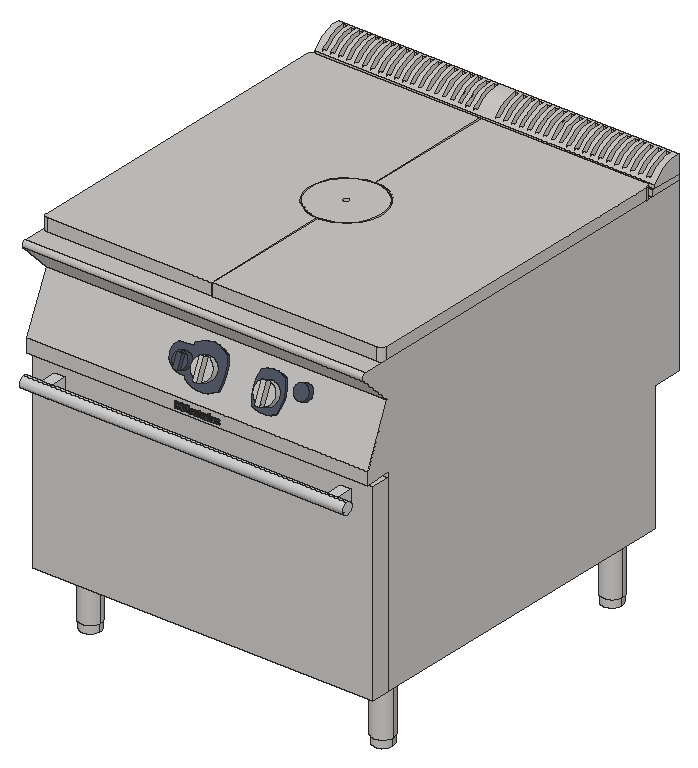
Revit family "QF_ELECTROLUXPROFESSIONAL_391019_E9STGH10G0", category Specialty Equipment, Revit 2018
Family settings
  Round Connector Dimension = Use Diameter
  Part Type = Normal
  Work Plane-Based = No
  Always vertical = Yes
  Cut with Voids When Loaded = No
  Shared = No
  Room Calculation Point = No
Parameters
  Width = 800 mm  # constant formula
  Weight in Pounds = 171  # constant formula
  Watts = 0 W
  URL Cutsheet = "www.electrolux.com"
  URL = "www.electrolux.com"
  Type Mark [instance] = ""
  Status [instance] = ""
  Specification by User [instance] = ""
  Specification by Manufacturer = ""
  Show Logo [instance] = yes
  Show Clearance [instance] = yes
  Serial Number = ""
  Seismic Rating = ""
  SMACNA No = ""
  Revision Code [instance] = ""
  Omniclass Number and Title = ""
  NAFEM Spec ID Number = ""
  Model = "391019"
  Mechanical Remarks [instance] = ""
  Mechanical Connection Type [instance] = ""
  Masterspec = ""
  Manufacturer = "ELECTROLUX"
  Item Number [instance] = ""
  Installed By [instance] = ""
  Identify Quantity as Lot [instance] = yes
  Height = 908 mm  # constant formula
  HP = "0 HP"
  Gas Size = 12.7 mm  # 1/2"
  Gas RI Height [instance] = 0 mm
  Gas KW [instance] = 19  # constant formula
  Gas Input [instance] = 64771.0 Btu/h
  Gas Connection Height = 0 mm
  Furnished By [instance] = ""
  Foodservice Equipment Identifier [instance] = yes
  Direct Waste Size = 0"
  Description = "900XP GAS SOLID TOP, GAS OVEN - LPG/NATURAL GAS"
  Depth = 700 mm  # constant formula
  CSI MasterFormat = ""
  CSI Master Format = ""
  Assembly Code = ""
Reference planes
  plane 1 "BACK": y = 0
  plane 2: z = 0
  plane 3 "LEFT": x = 0
  plane 4 "RIGHT": x = 800
  plane 5 "FRONT": y = -930
  plane 6 "TOP": z = 909
  plane 7 "Center Y": x = 400
  plane 8 "Center X": y = -465
  plane 9 "Base": z = 150
  plane 10: z = 850.85
  plane 11: y = -1030
  plane 12: y = -1309
  plane 13: x = 56
  plane 14: x = 744
  plane 15: y = -126
  plane 16: y = -800
  plane 17: x = 780.125
  plane 18: x = 19.875
  plane 19: y = -664
Forms (mm)
  Revolve 1, solid, material "QF_Finishes_Stainless Steel"
    sketch origin (1, -126, 0) x (1, 0, 0) y (0, 0, 1)
      loop
        line (55, 0) -> (55, 150) -> (29.6, 150) -> (29.6, 19.05) -> (32.1, 19.05) -> (32.1, 0) -> (55, 0)
      axis (55, 0) -> (55, 150)
    angle from 0 to 360
  Revolve 2, solid, material "QF_Finishes_Stainless Steel"
    sketch origin (1, -800, 0) x (1, 0, 0) y (0, 0, 1)
      loop
        line (55, 0) -> (55, 150) -> (29.6, 150) -> (29.6, 19.05) -> (32.1, 19.05) -> (32.1, 0) -> (55, 0)
      axis (55, 0) -> (55, 150)
    angle from 0 to 360
  Revolve 3, solid, material "QF_Finishes_Stainless Steel"
    sketch origin (799, -126, 0) x (-1, 0, 0) y (0, 0, -1)
      loop
        line (55, 0) -> (32.1, 0) -> (32.1, -19.05) -> (29.6, -19.05) -> (29.6, -150) -> (55, -150) -> (55, 0)
      axis (55, 0) -> (55, -150)
    angle from 0 to 360
  Revolve 4, solid, material "QF_Finishes_Stainless Steel"
    sketch origin (799, -800, 0) x (-1, 0, 0) y (0, 0, -1)
      loop
        line (55, 0) -> (32.1, 0) -> (32.1, -19.05) -> (29.6, -19.05) -> (29.6, -150) -> (55, -150) -> (55, 0)
      axis (55, 0) -> (55, -150)
    angle from 0 to 360
  Extrusion 5, solid, material "QF_Finishes_Stainless Steel"
    sketch origin (0, 0, 0) x (0, 1, 0) y (0, 0, 1)
      loop
        line (0, 451) -> (0, 850.85) -> (-921.37, 850.85)
        arc (-921.37, 850.85) -> (-929.343, 845.523) -> (-927.472, 836.118) r 8.63
        line (-927.472, 836.118) -> (-858.137, 766.783) -> (-915.833, 641.426) -> (-915.833, 610.129) -> (-855.71, 614.825)
        arc (-855.71, 614.825) -> (-853.185, 614.077) -> (-852.093, 611.681) r 3.175
        line (-852.093, 611.681) -> (-852.093, 150) -> (-71, 150) -> (-71, 451) -> (0, 451)
    from 0 to 800
  Extrusion 6, solid, material "QF_Finishes_Stainless Steel"
    sketch origin (0, -852.093, 615.668) x (0, 0, -1) y (1, 0, 0)
      loop
        line (465.668, 0) -> (465.668, 800) -> (13.597, 800) -> (13.597, 0) -> (465.668, 0)
    from 3.175 to 47.778
  Extrusion 7, solid, material "QF_Finishes_Handrails and Railings"
    sketch origin (800, -852.093, 150) x (0, 0, 1) y (0, -1, 0)
      loop
        line (429.951, 47.778) -> (427.246, 86.456)
        arc (427.246, 86.456) -> (413.439, 87.649) -> (408.943, 100.759) r 12.7
        arc (408.943, 100.759) -> (408.126, 100.218) -> (407.351, 99.619) r 13.441
        arc (407.351, 99.619) -> (405.905, 97.814) -> (405.285, 95.586) r 5.77
        line (405.285, 95.586) -> (401.942, 47.778) -> (429.951, 47.778)
    from -76.2 to -50.8
  Extrusion 8, solid, material "QF_Finishes_Handrails and Railings"
    sketch origin (0, -852.093, 602.071) x (0, 0, -1) y (0, -1, 0)
      loop
        circle (30.812, 97.656) r 12.7
    from -19.875 to -780.125
  Extrusion 9, solid, material "QF_Finishes_Navy Blue", visible <- "Show Logo"
    sketch origin (0, -915.833, 228.55) x (0, 0, 1) y (-1, 0, 0)
      loop
        line (402.897, -357.807) -> (390.53, -357.807)
        arc (390.53, -357.807) -> (396.713, -362.379) -> (402.897, -357.807) r 6.467
      loop
        arc (402.897, -357.178) -> (401.728, -352.035) -> (397.072, -349.557) r 6.338
        line (397.072, -349.557) -> (397.072, -351.603)
        arc (397.072, -351.603) -> (398.555, -355.258) -> (402.001, -357.178) r 5.941
        line (402.001, -357.178) -> (402.897, -357.178)
      loop
        arc (391.425, -357.178) -> (394.871, -355.258) -> (396.355, -351.603) r 5.941
        line (396.355, -351.603) -> (396.355, -349.557)
        arc (396.355, -349.557) -> (391.661, -352.031) -> (390.371, -357.178) r 6.504
        line (390.371, -357.178) -> (391.425, -357.178)
      loop
        line (403.571, -349.088) -> (389.827, -349.088) -> (389.827, -362.851) -> (403.571, -362.851) -> (403.571, -349.088)
      loop
        arc (403.655, -365.819) -> (403.307, -365.461) -> (402.94, -365.799) r 0.358
        arc (402.94, -365.799) -> (402.626, -366.549) -> (401.909, -366.934) r 1.216
        line (401.909, -366.934) -> (391.497, -366.934)
        arc (391.497, -366.934) -> (390.837, -366.657) -> (390.441, -366.06) r 1.238
        arc (390.441, -366.06) -> (390.046, -365.809) -> (389.74, -366.163) r 0.358
        line (389.74, -366.163) -> (389.74, -376.042) -> (392.491, -376.042) -> (392.491, -375.145)
        arc (392.491, -375.145) -> (391.582, -374.565) -> (391.127, -373.588) r 1.928
        line (391.127, -373.588) -> (391.127, -371.089)
        arc (391.127, -371.089) -> (391.402, -370.36) -> (392.091, -369.996) r 1.101
        line (392.091, -369.996) -> (396.177, -369.996) -> (396.177, -373.67)
        arc (396.177, -373.67) -> (395.825, -374.167) -> (395.259, -374.395) r 1.083
        arc (395.259, -374.395) -> (394.996, -374.7) -> (395.288, -374.978) r 0.292
        line (395.288, -374.978) -> (398.25, -374.978)
        arc (398.25, -374.978) -> (398.553, -374.705) -> (398.314, -374.375) r 0.305
        arc (398.314, -374.375) -> (397.824, -374.127) -> (397.519, -373.67) r 1.083
        line (397.519, -373.67) -> (397.519, -369.996) -> (402.196, -369.996) -> (402.196, -373.744)
        arc (402.196, -373.744) -> (401.982, -374.499) -> (401.375, -374.997) r 1.314
        arc (401.375, -374.997) -> (401.156, -375.401) -> (401.511, -375.694) r 0.361
        line (401.511, -375.694) -> (403.655, -375.694) -> (403.655, -365.819)
      loop
        arc (402.938, -376.474) -> (402.557, -377.393) -> (401.639, -377.773) r 1.299
        line (401.639, -377.773) -> (392.06, -377.773)
        arc (392.06, -377.773) -> (391.222, -377.395) -> (390.95, -376.517) r 1.118
        line (390.95, -376.517) -> (389.74, -376.517) -> (389.74, -381.867) -> (390.929, -381.867)
        arc (390.929, -381.867) -> (391.201, -380.95) -> (392.07, -380.554) r 1.153
        line (392.07, -380.554) -> (404.143, -380.554) -> (402.938, -376.474)
      loop
        line (394.705, -384.503) -> (394.705, -390.951) -> (395.504, -390.951)
        arc (395.504, -390.951) -> (398.085, -389.966) -> (399.353, -387.513) r 3.874
        line (399.353, -387.513) -> (399.353, -385.752)
        arc (399.353, -385.752) -> (398.167, -382.887) -> (395.302, -381.701) r 4.051
        line (395.302, -381.701) -> (393.294, -381.701)
        arc (393.294, -381.701) -> (390.476, -383.186) -> (389.424, -386.193) r 4.352
        arc (389.424, -386.193) -> (389.789, -388.656) -> (391.166, -390.73) r 5.713
        line (391.166, -390.73) -> (392.115, -390.73)
        arc (392.115, -390.73) -> (391.382, -389.161) -> (391.166, -387.443) r 5.579
        arc (391.166, -387.443) -> (391.96, -385.48) -> (393.839, -384.503) r 3.057
        line (393.839, -384.503) -> (394.705, -384.503)
      loop
        line (395.965, -384.503) -> (395.965, -388.085)
        arc (395.965, -388.085) -> (397.421, -388.133) -> (398.304, -386.973) r 1.59
        line (398.304, -386.973) -> (398.304, -386.143)
        arc (398.304, -386.143) -> (397.44, -384.888) -> (395.965, -384.503) r 2.184
      loop
        arc (398.755, -400.368) -> (399.244, -398.694) -> (399.402, -396.957) r 9.023
        line (399.402, -396.957) -> (399.402, -395.595)
        arc (399.402, -395.595) -> (398.242, -392.795) -> (395.443, -391.636) r 3.959
        line (395.443, -391.636) -> (392.843, -391.636)
        arc (392.843, -391.636) -> (390.561, -392.928) -> (389.444, -395.301) r 4.331
        line (389.444, -395.301) -> (389.444, -397.436)
        arc (389.444, -397.436) -> (389.952, -398.986) -> (390.873, -400.332) r 5.772
        arc (390.873, -400.332) -> (391.635, -400.383) -> (391.722, -399.624) r 0.553
        arc (391.722, -399.624) -> (391.334, -398.89) -> (391.2, -398.071) r 2.573
        line (391.2, -398.071) -> (391.2, -396.556)
        arc (391.2, -396.556) -> (392.206, -394.915) -> (394.02, -394.272) r 2.884
        line (394.02, -394.272) -> (395.299, -394.272)
        arc (395.299, -394.272) -> (397.12, -394.832) -> (398.047, -396.497) r 2.554
        line (398.047, -396.497) -> (398.047, -397.55)
        arc (398.047, -397.55) -> (397.715, -398.478) -> (397.058, -399.213) r 2.564
        arc (397.058, -399.213) -> (396.837, -399.93) -> (397.446, -400.368) r 0.643
        line (397.446, -400.368) -> (398.755, -400.368)
      loop
        line (397.737, -400.638) -> (397.737, -402.139) -> (391.689, -402.139)
        arc (391.689, -402.139) -> (390.101, -402.797) -> (389.444, -404.385) r 2.246
        line (389.444, -404.385) -> (389.444, -405.969)
        arc (389.444, -405.969) -> (389.757, -406.834) -> (390.258, -407.605) r 4.06
        arc (390.258, -407.605) -> (390.99, -407.738) -> (391.242, -407.037) r 0.576
        arc (391.242, -407.037) -> (391.136, -406.512) -> (391.2, -405.979) r 1.69
        arc (391.2, -405.979) -> (391.741, -405.191) -> (392.648, -404.888) r 1.506
        line (392.648, -404.888) -> (397.786, -404.888) -> (397.786, -407.285) -> (398.342, -407.842) -> (399.164, -407.842) -> (399.164, -404.982) -> (402.395, -404.982) -> (397.737, -400.638)
      loop
        line (389.661, -408.739) -> (389.661, -414.126) -> (390.771, -414.126)
        arc (390.771, -414.126) -> (391.165, -413.175) -> (392.116, -412.781) r 1.345
        line (392.116, -412.781) -> (395.732, -412.781)
        arc (395.732, -412.781) -> (396.497, -413.373) -> (396.786, -414.295) r 1.615
        line (396.786, -414.295) -> (396.786, -415.851) -> (399.342, -416.536) -> (399.342, -415.153) -> (397.399, -412.594) -> (399.28, -412.594) -> (398.995, -409.888)
        arc (398.995, -409.888) -> (398.556, -409.358) -> (397.897, -409.559) r 0.621
        arc (397.897, -409.559) -> (397.497, -409.901) -> (397.003, -410.084) r 1.501
        line (397.003, -410.084) -> (392.116, -410.084)
        arc (392.116, -410.084) -> (391.165, -409.69) -> (390.771, -408.739) r 1.345
        line (390.771, -408.739) -> (389.661, -408.739)
      loop
        line (395.763, -416.073) -> (393.071, -416.073)
        arc (393.071, -416.073) -> (390.625, -417.381) -> (389.491, -419.912) r 4.288
        arc (389.491, -419.912) -> (389.428, -421.292) -> (389.491, -422.672) r 15.022
        arc (389.491, -422.672) -> (390.625, -425.203) -> (393.071, -426.51) r 4.288
        line (393.071, -426.51) -> (395.763, -426.51)
        arc (395.763, -426.51) -> (398.208, -425.203) -> (399.342, -422.672) r 4.288
        arc (399.342, -422.672) -> (399.406, -421.292) -> (399.342, -419.912) r 15.022
        arc (399.342, -419.912) -> (398.208, -417.381) -> (395.763, -416.073) r 4.288
      loop
        line (395.968, -419.187) -> (392.866, -419.187)
        arc (392.866, -419.187) -> (390.709, -421.344) -> (392.866, -423.501) r 2.157
        line (392.866, -423.501) -> (395.968, -423.501)
        arc (395.968, -423.501) -> (398.125, -421.344) -> (395.968, -419.187) r 2.157
      loop
        arc (402.948, -426.369) -> (402.578, -427.263) -> (401.684, -427.633) r 1.264
        line (401.684, -427.633) -> (391.82, -427.633)
        arc (391.82, -427.633) -> (390.95, -427.236) -> (390.678, -426.32) r 1.153
        line (390.678, -426.32) -> (389.74, -426.32) -> (389.74, -431.428) -> (390.669, -431.428)
        arc (390.669, -431.428) -> (391.028, -430.656) -> (391.82, -430.341) r 1.153
        line (391.82, -430.341) -> (404.143, -430.341) -> (402.948, -426.369)
      loop
        arc (398.069, -430.966) -> (397.87, -432.03) -> (396.9, -432.512) r 1.215
        line (396.9, -432.512) -> (391.88, -432.512)
        arc (391.88, -432.512) -> (390.266, -433.16) -> (389.545, -434.743) r 2.338
        line (389.545, -434.743) -> (389.545, -436.257)
        arc (389.545, -436.257) -> (389.719, -437.261) -> (390.222, -438.147) r 2.979
        line (390.222, -438.147) -> (389.74, -439.944) -> (389.74, -441.633) -> (399.166, -441.633) -> (398.872, -437.429) -> (398.086, -437.429)
        arc (398.086, -437.429) -> (397.73, -438.265) -> (396.978, -438.774) r 1.605
        line (396.978, -438.774) -> (391.875, -438.774)
        arc (391.875, -438.774) -> (391.454, -437.837) -> (391.382, -436.813) r 2.94
        arc (391.382, -436.813) -> (391.943, -435.712) -> (393.096, -435.269) r 1.724
        line (393.096, -435.269) -> (399.292, -435.269) -> (398.069, -430.966)
      loop
        line (399.097, -442.486) -> (397.425, -444.532) -> (394.251, -446.838) -> (390.794, -443.726)
        arc (390.794, -443.726) -> (390.557, -443.332) -> (390.58, -442.873) r 0.789
        line (390.58, -442.873) -> (389.74, -442.873) -> (389.74, -446.418) -> (390.567, -446.418)
        arc (390.567, -446.418) -> (390.909, -446.056) -> (391.399, -446.148) r 0.52
        line (391.399, -446.148) -> (393.199, -447.619) -> (391.081, -448.995)
        arc (391.081, -448.995) -> (390.68, -448.685) -> (390.593, -448.185) r 0.7
        line (390.593, -448.185) -> (389.74, -448.185) -> (389.74, -454.112) -> (390.627, -454.112)
        arc (390.627, -454.112) -> (390.694, -453.453) -> (391.089, -452.922) r 1.247
        line (391.089, -452.922) -> (395.289, -449.641) -> (397.736, -451.694) -> (399.097, -453.436) -> (399.097, -449.713) -> (397.612, -450.135) -> (396.09, -448.858) -> (397.791, -447.668) -> (399.097, -448.445) -> (399.097, -442.486)
    from 0 to 1.644
  Extrusion 10, solid, material "QF_Finishes_Stainless Steel"
    sketch origin (0, 0, 576.213) x (0, 1, 0) y (0, 0, 1)
      loop
        line (0, 274.638) -> (0, 288.925) -> (-76.2, 288.925) -> (-76.2, 274.638) -> (0, 274.638)
    from 0 to 800
  Extrusion 11, void
    sketch origin (34.989, 0, 865.138) x (-1, 0, 0) y (0, -1, 0)
      loop
        line (-335.017, 6.761) -> (-335.017, 63.911) -> (-344.313, 63.911) -> (-344.313, 6.761) -> (-335.017, 6.761)
      loop
        line (-316.325, 6.761) -> (-316.325, 63.911) -> (-325.62, 63.911) -> (-325.62, 6.761) -> (-316.325, 6.761)
      loop
        line (-297.632, 6.761) -> (-297.632, 63.911) -> (-306.928, 63.911) -> (-306.928, 6.761) -> (-297.632, 6.761)
      loop
        line (-278.94, 6.761) -> (-278.94, 63.911) -> (-288.235, 63.911) -> (-288.235, 6.761) -> (-278.94, 6.761)
      loop
        line (-260.247, 6.761) -> (-260.247, 63.911) -> (-269.543, 63.911) -> (-269.543, 6.761) -> (-260.247, 6.761)
      loop
        line (-241.554, 6.761) -> (-241.554, 63.911) -> (-250.85, 63.911) -> (-250.85, 6.761) -> (-241.554, 6.761)
      loop
        line (-222.862, 6.761) -> (-222.862, 63.911) -> (-232.157, 63.911) -> (-232.157, 6.761) -> (-222.862, 6.761)
      loop
        line (-204.169, 6.761) -> (-204.169, 63.911) -> (-213.465, 63.911) -> (-213.465, 6.761) -> (-204.169, 6.761)
      loop
        line (-185.476, 6.761) -> (-185.476, 63.911) -> (-194.772, 63.911) -> (-194.772, 6.761) -> (-185.476, 6.761)
      loop
        line (-166.784, 6.761) -> (-166.784, 63.911) -> (-176.08, 63.911) -> (-176.08, 6.761) -> (-166.784, 6.761)
      loop
        line (-148.091, 6.761) -> (-148.091, 63.911) -> (-157.387, 63.911) -> (-157.387, 6.761) -> (-148.091, 6.761)
      loop
        line (-129.399, 6.761) -> (-129.399, 63.911) -> (-138.694, 63.911) -> (-138.694, 6.761) -> (-129.399, 6.761)
      loop
        line (-110.706, 6.761) -> (-110.706, 63.911) -> (-120.002, 63.911) -> (-120.002, 6.761) -> (-110.706, 6.761)
      loop
        line (-92.013, 6.761) -> (-92.013, 63.911) -> (-101.309, 63.911) -> (-101.309, 6.761) -> (-92.013, 6.761)
      loop
        line (-73.321, 6.761) -> (-73.321, 63.911) -> (-82.617, 63.911) -> (-82.617, 6.761) -> (-73.321, 6.761)
      loop
        line (-54.628, 6.761) -> (-54.628, 63.911) -> (-63.924, 63.911) -> (-63.924, 6.761) -> (-54.628, 6.761)
      loop
        line (-35.936, 6.761) -> (-35.936, 63.911) -> (-45.231, 63.911) -> (-45.231, 6.761) -> (-35.936, 6.761)
      loop
        line (-17.243, 6.761) -> (-17.243, 63.911) -> (-26.539, 63.911) -> (-26.539, 6.761) -> (-17.243, 6.761)
      loop
        line (1.45, 6.761) -> (1.45, 63.911) -> (-7.846, 63.911) -> (-7.846, 6.761) -> (1.45, 6.761)
      loop
        line (20.142, 6.761) -> (20.142, 63.911) -> (10.846, 63.911) -> (10.846, 6.761) -> (20.142, 6.761)
      loop
        line (-395.005, 6.761) -> (-385.709, 6.761) -> (-385.709, 63.911) -> (-395.005, 63.911) -> (-395.005, 6.761)
      loop
        line (-413.697, 6.761) -> (-404.401, 6.761) -> (-404.401, 63.911) -> (-413.697, 63.911) -> (-413.697, 6.761)
      loop
        line (-432.39, 6.761) -> (-423.094, 6.761) -> (-423.094, 63.911) -> (-432.39, 63.911) -> (-432.39, 6.761)
      loop
        line (-451.082, 6.761) -> (-441.787, 6.761) -> (-441.787, 63.911) -> (-451.082, 63.911) -> (-451.082, 6.761)
      loop
        line (-469.775, 6.761) -> (-460.479, 6.761) -> (-460.479, 63.911) -> (-469.775, 63.911) -> (-469.775, 6.761)
      loop
        line (-488.468, 6.761) -> (-479.172, 6.761) -> (-479.172, 63.911) -> (-488.468, 63.911) -> (-488.468, 6.761)
      loop
        line (-507.16, 6.761) -> (-497.864, 6.761) -> (-497.864, 63.911) -> (-507.16, 63.911) -> (-507.16, 6.761)
      loop
        line (-525.853, 6.761) -> (-516.557, 6.761) -> (-516.557, 63.911) -> (-525.853, 63.911) -> (-525.853, 6.761)
      loop
        line (-544.545, 6.761) -> (-535.25, 6.761) -> (-535.25, 63.911) -> (-544.545, 63.911) -> (-544.545, 6.761)
      loop
        line (-563.238, 6.761) -> (-553.942, 6.761) -> (-553.942, 63.911) -> (-563.238, 63.911) -> (-563.238, 6.761)
      loop
        line (-581.931, 6.761) -> (-572.635, 6.761) -> (-572.635, 63.911) -> (-581.931, 63.911) -> (-581.931, 6.761)
      loop
        line (-600.623, 6.761) -> (-591.328, 6.761) -> (-591.328, 63.911) -> (-600.623, 63.911) -> (-600.623, 6.761)
      loop
        line (-619.316, 6.761) -> (-610.02, 6.761) -> (-610.02, 63.911) -> (-619.316, 63.911) -> (-619.316, 6.761)
      loop
        line (-638.008, 6.761) -> (-628.713, 6.761) -> (-628.713, 63.911) -> (-638.008, 63.911) -> (-638.008, 6.761)
      loop
        line (-656.701, 6.761) -> (-647.405, 6.761) -> (-647.405, 63.911) -> (-656.701, 63.911) -> (-656.701, 6.761)
      loop
        line (-675.394, 6.761) -> (-666.098, 6.761) -> (-666.098, 63.911) -> (-675.394, 63.911) -> (-675.394, 6.761)
      loop
        line (-694.086, 6.761) -> (-684.791, 6.761) -> (-684.791, 63.911) -> (-694.086, 63.911) -> (-694.086, 6.761)
      loop
        line (-712.779, 6.761) -> (-703.483, 6.761) -> (-703.483, 63.911) -> (-712.779, 63.911) -> (-712.779, 6.761)
      loop
        line (-731.472, 6.761) -> (-722.176, 6.761) -> (-722.176, 63.911) -> (-731.472, 63.911) -> (-731.472, 6.761)
      loop
        line (-750.164, 6.761) -> (-740.868, 6.761) -> (-740.868, 63.911) -> (-750.164, 63.911) -> (-750.164, 6.761)
    from 9.525 to 45.348
  Extrusion 12, solid, material "QF_Finishes_Stainless Steel"
    sketch origin (0, 0, 590.5) x (0, 1, 0) y (0, 0, 1)
      loop
        line (0, 274.638) -> (0, 318.5)
        arc (0, 318.5) -> (-39.107, 309.837) -> (-69.85, 284.162) r 84.633
        line (-69.85, 284.162) -> (-69.85, 274.638) -> (0, 274.638)
    from 0 to 800
  Extrusion 13, solid, material "QF_Finishes_Stainless Steel"
    sketch origin (0, -199.871, 850.85) x (0, -1, 0) y (1, 0, 0)
      loop
        arc (-117.571, 12.7) -> (-113.851, 3.72) -> (-104.871, 0) r 12.7
        line (-104.871, 0) -> (659.6, 0)
        arc (659.6, 0) -> (668.58, 3.72) -> (672.3, 12.7) r 12.7
        line (672.3, 12.7) -> (672.3, 398.413) -> (363.003, 398.413)
        arc (363.003, 398.413) -> (277.448, 314.787) -> (192.048, 398.571) r 85.497
        line (192.048, 398.571) -> (-117.571, 398.571) -> (-117.571, 12.7)
      loop
        arc (672.3, 787.3) -> (668.58, 796.28) -> (659.6, 800) r 12.7
        line (659.6, 800) -> (-104.871, 800)
        arc (-104.871, 800) -> (-113.851, 796.28) -> (-117.571, 787.3) r 12.7
        line (-117.571, 787.3) -> (-117.571, 401.528) -> (192.042, 401.528)
        arc (192.042, 401.528) -> (277.768, 485.459) -> (363.02, 401.047) r 85.5
        line (363.02, 401.047) -> (672.3, 401.047) -> (672.3, 787.3)
      loop
        circle (277.528, 400) r 82.6
      loop
        circle (277.528, 400) r 7
    from 0 to 28.575
  Extrusion 14, solid, material "QF_Finishes_Navy Blue"
    sketch origin (0, -858.941, 765.034) x (0, -0.418102, -0.9084) y (1, 0, 0)
      loop
        arc (28.21, 518.214) -> (63.792, 510.589) -> (99.5, 517.596) r 90.5
        arc (99.5, 517.596) -> (106.326, 546.784) -> (99.5, 575.972) r 65.817
        arc (99.5, 575.972) -> (63.793, 582.932) -> (28.21, 575.359) r 91.066
        arc (28.21, 575.359) -> (21.654, 546.786) -> (28.21, 518.214) r 65.546
    from 0 to 3.175
  Extrusion 15, solid, material "QF_Finishes_Stainless Steel"
    sketch origin (0, -861.826, 766.362) x (0, -0.418102, -0.9084) y (1, 0, 0)
      loop
        circle (66.843, 546.537) r 25.4
    from 0 to 12.7
  Extrusion 16, solid, material "QF_Finishes_Stainless Steel"
    sketch origin (0, -873.362, 771.672) x (0, -0.418102, -0.9084) y (1, 0, 0)
      loop
        arc (91.575, 540.751) -> (92.243, 546.537) -> (91.575, 552.323) r 25.4
        line (91.575, 552.323) -> (42.111, 552.323)
        arc (42.111, 552.323) -> (41.443, 546.537) -> (42.111, 540.751) r 25.4
        line (42.111, 540.751) -> (91.575, 540.751)
    from 0 to 12.7
  Extrusion 17, solid, material "QF_Finishes_Navy Blue"
    sketch origin (0, -858.941, 765.034) x (0, -0.418102, -0.9084) y (1, 0, 0)
      loop
        circle (40.362, 622.183) r 17.78
    from 0 to 12.7
  Extrusion 18, solid, material "QF_Finishes_Navy Blue"
    sketch origin (0, -858.941, 765.034) x (0, -0.418102, -0.9084) y (1, 0, 0)
      loop
        arc (26.478, 362.874) -> (29.507, 361.545) -> (32.583, 360.326) r 91.066
        arc (32.583, 360.326) -> (34.241, 342.736) -> (37.62, 325.393) r 179.528
        arc (37.62, 325.393) -> (61.589, 313.082) -> (85.559, 325.393) r 29.489
        arc (85.559, 325.393) -> (91.924, 341.728) -> (93.384, 359.198) r 61.044
        arc (93.384, 359.198) -> (96.362, 360.249) -> (99.301, 361.403) r 91.066
        arc (99.301, 361.403) -> (111.316, 400.51) -> (97.904, 439.16) r 65.817
        arc (97.904, 439.16) -> (62.728, 445.46) -> (27.837, 437.739) r 91.066
        arc (27.837, 437.739) -> (15.415, 400.52) -> (26.478, 362.874) r 65.546
    from 0 to 3.175
  Extrusion 19, solid, material "QF_Finishes_Stainless Steel"
    sketch origin (0, -861.826, 766.362) x (0, -0.418102, -0.9084) y (1, 0, 0)
      loop
        circle (66.843, 400) r 25.4
    from 0 to 12.7
  Extrusion 20, solid, material "QF_Finishes_Stainless Steel"
    sketch origin (0, -873.362, 771.672) x (0, -0.418102, -0.9084) y (1, 0, 0)
      loop
        arc (91.575, 394.214) -> (92.243, 400) -> (91.575, 405.786) r 25.4
        line (91.575, 405.786) -> (42.111, 405.786)
        arc (42.111, 405.786) -> (41.443, 400) -> (42.111, 394.214) r 25.4
        line (42.111, 394.214) -> (91.575, 394.214)
    from 0 to 12.7
  Extrusion 21, solid, material "QF_Finishes_Navy Blue"
    sketch origin (0, -861.826, 766.362) x (0, -0.418102, -0.9084) y (1, 0, 0)
      loop
        circle (66.843, 347.787) r 18.37
    from 0 to 12.7
  Extrusion 22, solid, material "QF_Finishes_Navy Blue"
    sketch origin (-0.312, -873.232, 771.955) x (0, -0.418102, -0.9084) y (1, 0, 0)
      loop
        arc (84.808, 342.354) -> (85.476, 348.14) -> (84.808, 353.926) r 25.4
        line (84.808, 353.926) -> (52.844, 353.926)
        arc (52.844, 353.926) -> (52.176, 348.14) -> (52.844, 342.354) r 25.4
        line (52.844, 342.354) -> (84.808, 342.354)
    from 0 to 8.112
  Extrusion 23, solid, material "QF_Finishes_Stainless Steel"
    sketch origin (0, -852.093, 150) x (1, 0, 0) y (0, -1, 0)
      loop
        circle (747.612, -188.093) r 6.4
    from 0 to 21
  Extrusion 24, solid, material "QF_Door-Drawer Clearances", visible <- "Show Clearance", detail levels coarse
    sketch origin (0, 0, 0) x (0, -1, 0) y (0, 0, 1)
      loop
        line (899.871, 602.071) -> (899.871, 150) -> (1309, 150)
        arc (1309, 150) -> (1185.465, 449.368) -> (899.871, 602.071) r 479.849
    from 0 to -800
  Extrusion 25, solid, material "QF_Clearances", visible <- "Show Clearance", detail levels coarse
    sketch origin (0, 0, 0) x (1, 0, 0) y (0, 1, 0)
      loop
        line (-100, -930) -> (0, -930) -> (0, 0) -> (800, 0) -> (800, -930) -> (900, -930) -> (900, 100) -> (-100, 100) -> (-100, -930)
    from 0 to 908
  Extrusion 26, solid, material "QF_Finishes_Handrails and Railings"
    sketch origin (0, -852.093, 150) x (0, 0, 1) y (0, 1, 0)
      loop
        line (429.951, -47.778) -> (401.942, -47.778) -> (405.285, -95.586)
        arc (405.285, -95.586) -> (405.905, -97.814) -> (407.351, -99.619) r 5.77
        arc (407.351, -99.619) -> (408.126, -100.218) -> (408.943, -100.759) r 13.441
        arc (408.943, -100.759) -> (413.439, -87.649) -> (427.246, -86.456) r 12.7
        line (427.246, -86.456) -> (429.951, -47.778)
    from -76.2 to -50.8
Cuts and joins
  Extrusion 11 cuts Extrusion 12
Lines and regions (mm)
  symbolic lines
    curve 1: line (0, -930, 150) -> (0, -1309, 150)
    curve 2: line (0, -1309, 150) -> (800, -1309, 150)
    curve 3: line (800, -1309, 150) -> (800, -930, 150)
    curve 4: line (800, -930, 150) -> (0, -930, 150)
    curve 5: line (0, 0, 150) -> (0, -930, 150)
    curve 6: line (0, -95, 150) -> (0, -859.471, 150)
    curve 7: arc (0, -859.471, 150) -> (3.72, -868.451, 150) -> (12.7, -872.171, 150) r 12.7
    curve 8: line (12.7, -872.171, 150) -> (398.413, -872.171, 150)
    curve 9: line (398.413, -872.171, 150) -> (398.413, -562.874, 150)
    curve 10: arc (398.413, -562.874, 150) -> (314.787, -477.319, 150) -> (398.571, -391.918, 150) r 85.497
    curve 11: line (398.571, -391.918, 150) -> (398.571, -82.3, 150)
    curve 12: line (398.571, -82.3, 150) -> (12.7, -82.3, 150)
    curve 13: arc (12.7, -82.3, 150) -> (3.72, -86.02, 150) -> (0, -95, 150) r 12.7
    curve 14: line (800, -859.471, 150) -> (800, -95, 150)
    curve 15: arc (800, -95, 150) -> (796.28, -86.02, 150) -> (787.3, -82.3, 150) r 12.7
    curve 16: line (787.3, -82.3, 150) -> (401.528, -82.3, 150)
    curve 17: line (401.528, -82.3, 150) -> (401.528, -391.912, 150)
    curve 18: arc (401.528, -391.912, 150) -> (485.46, -477.517, 150) -> (401.289, -562.888, 150) r 85.5
    curve 19: line (401.289, -562.888, 150) -> (401.289, -872.171, 150)
    curve 20: line (401.289, -872.171, 150) -> (787.3, -872.171, 150)
    curve 21: arc (787.3, -872.171, 150) -> (796.28, -868.451, 150) -> (800, -859.471, 150) r 12.7
    curve 22: arc (400, -394.799, 150) -> (317.4, -477.399, 150) -> (400, -559.999, 150) r 82.6
    curve 23: arc (400, -559.999, 150) -> (482.6, -477.399, 150) -> (400, -394.799, 150) r 82.6
    curve 24: arc (400, -470.399, 150) -> (407, -477.399, 150) -> (400, -484.399, 150) r 7
    curve 25: arc (400, -484.399, 150) -> (393, -477.399, 150) -> (400, -470.399, 150) r 7
    curve 26: line (0, -69.85, 150) -> (800, -69.85, 150)
    curve 27: line (0, -76.2, 150) -> (800, -76.2, 150)
    curve 28: line (800, -930, 150) -> (800, 0, 150)
    curve 29: line (0, 0, 150) -> (800, 0, 150)
    curve 30: line (24.143, -6.761, 150) -> (24.143, -63.911, 150)
    curve 31: line (24.143, -63.911, 150) -> (14.847, -63.911, 150)
    curve 32: line (14.847, -63.911, 150) -> (14.847, -6.761, 150)
    curve 33: line (14.847, -6.761, 150) -> (24.143, -6.761, 150)
    curve 34: line (379.302, -6.761, 150) -> (379.302, -63.911, 150)
    curve 35: line (379.302, -63.911, 150) -> (370.006, -63.911, 150)
    curve 36: line (370.006, -63.911, 150) -> (370.006, -6.761, 150)
    curve 37: line (370.006, -6.761, 150) -> (379.302, -6.761, 150)
    curve 38: line (429.994, -6.761, 150) -> (429.994, -63.911, 150)
    curve 39: line (429.994, -63.911, 150) -> (420.698, -63.911, 150)
    curve 40: line (420.698, -63.911, 150) -> (420.698, -6.761, 150)
    curve 41: line (420.698, -6.761, 150) -> (429.994, -6.761, 150)
    curve 42: line (360.61, -6.761, 150) -> (360.61, -63.911, 150)
    curve 43: line (360.61, -63.911, 150) -> (351.314, -63.911, 150)
    curve 44: line (351.314, -63.911, 150) -> (351.314, -6.761, 150)
    curve 45: line (351.314, -6.761, 150) -> (360.61, -6.761, 150)
    curve 46: line (341.917, -6.761, 150) -> (341.917, -63.911, 150)
    curve 47: line (341.917, -63.911, 150) -> (332.621, -63.911, 150)
    curve 48: line (332.621, -63.911, 150) -> (332.621, -6.761, 150)
    curve 49: line (332.621, -6.761, 150) -> (341.917, -6.761, 150)
    curve 50: line (323.224, -6.761, 150) -> (323.224, -63.911, 150)
    curve 51: line (323.224, -63.911, 150) -> (313.929, -63.911, 150)
    curve 52: line (313.929, -63.911, 150) -> (313.929, -6.761, 150)
    curve 53: line (313.929, -6.761, 150) -> (323.224, -6.761, 150)
    curve 54: line (304.532, -6.761, 150) -> (304.532, -63.911, 150)
    curve 55: line (304.532, -63.911, 150) -> (295.236, -63.911, 150)
    curve 56: line (295.236, -63.911, 150) -> (295.236, -6.761, 150)
    curve 57: line (295.236, -6.761, 150) -> (304.532, -6.761, 150)
    curve 58: line (285.839, -6.761, 150) -> (285.839, -63.911, 150)
    curve 59: line (285.839, -63.911, 150) -> (276.543, -63.911, 150)
    curve 60: line (276.543, -63.911, 150) -> (276.543, -6.761, 150)
    curve 61: line (276.543, -6.761, 150) -> (285.839, -6.761, 150)
    curve 62: line (267.146, -6.761, 150) -> (267.146, -63.911, 150)
    curve 63: line (267.146, -63.911, 150) -> (257.851, -63.911, 150)
    curve 64: line (257.851, -63.911, 150) -> (257.851, -6.761, 150)
    curve 65: line (257.851, -6.761, 150) -> (267.146, -6.761, 150)
    curve 66: line (248.454, -6.761, 150) -> (248.454, -63.911, 150)
    curve 67: line (248.454, -63.911, 150) -> (239.158, -63.911, 150)
    curve 68: line (239.158, -63.911, 150) -> (239.158, -6.761, 150)
    curve 69: line (239.158, -6.761, 150) -> (248.454, -6.761, 150)
    curve 70: line (229.761, -6.761, 150) -> (229.761, -63.911, 150)
    curve 71: line (229.761, -63.911, 150) -> (220.466, -63.911, 150)
    curve 72: line (220.466, -63.911, 150) -> (220.466, -6.761, 150)
    curve 73: line (220.466, -6.761, 150) -> (229.761, -6.761, 150)
    curve 74: line (211.069, -6.761, 150) -> (211.069, -63.911, 150)
    curve 75: line (211.069, -63.911, 150) -> (201.773, -63.911, 150)
    curve 76: line (201.773, -63.911, 150) -> (201.773, -6.761, 150)
    curve 77: line (201.773, -6.761, 150) -> (211.069, -6.761, 150)
    curve 78: line (192.376, -6.761, 150) -> (192.376, -63.911, 150)
    curve 79: line (192.376, -63.911, 150) -> (183.08, -63.911, 150)
    curve 80: line (183.08, -63.911, 150) -> (183.08, -6.761, 150)
    curve 81: line (183.08, -6.761, 150) -> (192.376, -6.761, 150)
    curve 82: line (173.683, -6.761, 150) -> (173.683, -63.911, 150)
    curve 83: line (173.683, -63.911, 150) -> (164.388, -63.911, 150)
    curve 84: line (164.388, -63.911, 150) -> (164.388, -6.761, 150)
    curve 85: line (164.388, -6.761, 150) -> (173.683, -6.761, 150)
    curve 86: line (154.991, -6.761, 150) -> (154.991, -63.911, 150)
    curve 87: line (154.991, -63.911, 150) -> (145.695, -63.911, 150)
    curve 88: line (145.695, -63.911, 150) -> (145.695, -6.761, 150)
    curve 89: line (145.695, -6.761, 150) -> (154.991, -6.761, 150)
    curve 90: line (136.298, -6.761, 150) -> (136.298, -63.911, 150)
    curve 91: line (136.298, -63.911, 150) -> (127.002, -63.911, 150)
    curve 92: line (127.002, -63.911, 150) -> (127.002, -6.761, 150)
    curve 93: line (127.002, -6.761, 150) -> (136.298, -6.761, 150)
    curve 94: line (117.606, -6.761, 150) -> (117.606, -63.911, 150)
    curve 95: line (117.606, -63.911, 150) -> (108.31, -63.911, 150)
    curve 96: line (108.31, -63.911, 150) -> (108.31, -6.761, 150)
    curve 97: line (108.31, -6.761, 150) -> (117.606, -6.761, 150)
    curve 98: line (98.913, -6.761, 150) -> (98.913, -63.911, 150)
    curve 99: line (98.913, -63.911, 150) -> (89.617, -63.911, 150)
    curve 100: line (89.617, -63.911, 150) -> (89.617, -6.761, 150)
    curve 101: line (89.617, -6.761, 150) -> (98.913, -6.761, 150)
    curve 102: line (80.22, -6.761, 150) -> (80.22, -63.911, 150)
    curve 103: line (80.22, -63.911, 150) -> (70.925, -63.911, 150)
    curve 104: line (70.925, -63.911, 150) -> (70.925, -6.761, 150)
    curve 105: line (70.925, -6.761, 150) -> (80.22, -6.761, 150)
    curve 106: line (61.528, -6.761, 150) -> (61.528, -63.911, 150)
    curve 107: line (61.528, -63.911, 150) -> (52.232, -63.911, 150)
    curve 108: line (52.232, -63.911, 150) -> (52.232, -6.761, 150)
    curve 109: line (52.232, -6.761, 150) -> (61.528, -6.761, 150)
    curve 110: line (42.835, -6.761, 150) -> (42.835, -63.911, 150)
    curve 111: line (42.835, -63.911, 150) -> (33.539, -63.911, 150)
    curve 112: line (33.539, -63.911, 150) -> (33.539, -6.761, 150)
    curve 113: line (33.539, -6.761, 150) -> (42.835, -6.761, 150)
    curve 114: line (635.612, -6.761, 150) -> (635.612, -63.911, 150)
    curve 115: line (635.612, -63.911, 150) -> (626.317, -63.911, 150)
    curve 116: line (626.317, -63.911, 150) -> (626.317, -6.761, 150)
    curve 117: line (626.317, -6.761, 150) -> (635.612, -6.761, 150)
    curve 118: line (616.92, -6.761, 150) -> (616.92, -63.911, 150)
    curve 119: line (616.92, -63.911, 150) -> (607.624, -63.911, 150)
    curve 120: line (607.624, -63.911, 150) -> (607.624, -6.761, 150)
    curve 121: line (607.624, -6.761, 150) -> (616.92, -6.761, 150)
    curve 122: line (598.227, -6.761, 150) -> (598.227, -63.911, 150)
    curve 123: line (598.227, -63.911, 150) -> (588.931, -63.911, 150)
    curve 124: line (588.931, -63.911, 150) -> (588.931, -6.761, 150)
    curve 125: line (588.931, -6.761, 150) -> (598.227, -6.761, 150)
    curve 126: line (579.534, -6.761, 150) -> (579.534, -63.911, 150)
    curve 127: line (579.534, -63.911, 150) -> (570.239, -63.911, 150)
    curve 128: line (570.239, -63.911, 150) -> (570.239, -6.761, 150)
    curve 129: line (570.239, -6.761, 150) -> (579.534, -6.761, 150)
    curve 130: line (560.842, -6.761, 150) -> (560.842, -63.911, 150)
    curve 131: line (560.842, -63.911, 150) -> (551.546, -63.911, 150)
    curve 132: line (551.546, -63.911, 150) -> (551.546, -6.761, 150)
    curve 133: line (551.546, -6.761, 150) -> (560.842, -6.761, 150)
    curve 134: line (542.149, -6.761, 150) -> (542.149, -63.911, 150)
    curve 135: line (542.149, -63.911, 150) -> (532.854, -63.911, 150)
    curve 136: line (532.854, -63.911, 150) -> (532.854, -6.761, 150)
    curve 137: line (532.854, -6.761, 150) -> (542.149, -6.761, 150)
    curve 138: line (523.457, -6.761, 150) -> (523.457, -63.911, 150)
    curve 139: line (523.457, -63.911, 150) -> (514.161, -63.911, 150)
    curve 140: line (514.161, -63.911, 150) -> (514.161, -6.761, 150)
    curve 141: line (514.161, -6.761, 150) -> (523.457, -6.761, 150)
    curve 142: line (504.764, -6.761, 150) -> (504.764, -63.911, 150)
    curve 143: line (504.764, -63.911, 150) -> (495.468, -63.911, 150)
    curve 144: line (495.468, -63.911, 150) -> (495.468, -6.761, 150)
    curve 145: line (495.468, -6.761, 150) -> (504.764, -6.761, 150)
    curve 146: line (486.071, -6.761, 150) -> (486.071, -63.911, 150)
    curve 147: line (486.071, -63.911, 150) -> (476.776, -63.911, 150)
    curve 148: line (476.776, -63.911, 150) -> (476.776, -6.761, 150)
    curve 149: line (476.776, -6.761, 150) -> (486.071, -6.761, 150)
    curve 150: line (467.379, -6.761, 150) -> (467.379, -63.911, 150)
    curve 151: line (467.379, -63.911, 150) -> (458.083, -63.911, 150)
    curve 152: line (458.083, -63.911, 150) -> (458.083, -6.761, 150)
    curve 153: line (458.083, -6.761, 150) -> (467.379, -6.761, 150)
    curve 154: line (448.686, -6.761, 150) -> (448.686, -63.911, 150)
    curve 155: line (448.686, -63.911, 150) -> (439.39, -63.911, 150)
    curve 156: line (439.39, -63.911, 150) -> (439.39, -6.761, 150)
    curve 157: line (439.39, -6.761, 150) -> (448.686, -6.761, 150)
    curve 158: line (785.153, -6.761, 150) -> (785.153, -63.911, 150)
    curve 159: line (785.153, -63.911, 150) -> (775.857, -63.911, 150)
    curve 160: line (775.857, -63.911, 150) -> (775.857, -6.761, 150)
    curve 161: line (775.857, -6.761, 150) -> (785.153, -6.761, 150)
    curve 162: line (766.461, -6.761, 150) -> (766.461, -63.911, 150)
    curve 163: line (766.461, -63.911, 150) -> (757.165, -63.911, 150)
    curve 164: line (757.165, -63.911, 150) -> (757.165, -6.761, 150)
    curve 165: line (757.165, -6.761, 150) -> (766.461, -6.761, 150)
    curve 166: line (747.768, -6.761, 150) -> (747.768, -63.911, 150)
    curve 167: line (747.768, -63.911, 150) -> (738.472, -63.911, 150)
    curve 168: line (738.472, -63.911, 150) -> (738.472, -6.761, 150)
    curve 169: line (738.472, -6.761, 150) -> (747.768, -6.761, 150)
    curve 170: line (729.075, -6.761, 150) -> (729.075, -63.911, 150)
    curve 171: line (729.075, -63.911, 150) -> (719.78, -63.911, 150)
    curve 172: line (719.78, -63.911, 150) -> (719.78, -6.761, 150)
    curve 173: line (719.78, -6.761, 150) -> (729.075, -6.761, 150)
    curve 174: line (710.383, -6.761, 150) -> (710.383, -63.911, 150)
    curve 175: line (710.383, -63.911, 150) -> (701.087, -63.911, 150)
    curve 176: line (701.087, -63.911, 150) -> (701.087, -6.761, 150)
    curve 177: line (701.087, -6.761, 150) -> (710.383, -6.761, 150)
    curve 178: line (691.69, -6.761, 150) -> (691.69, -63.911, 150)
    curve 179: line (691.69, -63.911, 150) -> (682.394, -63.911, 150)
    curve 180: line (682.394, -63.911, 150) -> (682.394, -6.761, 150)
    curve 181: line (682.394, -6.761, 150) -> (691.69, -6.761, 150)
    curve 182: line (672.998, -6.761, 150) -> (672.998, -63.911, 150)
    curve 183: line (672.998, -63.911, 150) -> (663.702, -63.911, 150)
    curve 184: line (663.702, -63.911, 150) -> (663.702, -6.761, 150)
    curve 185: line (663.702, -6.761, 150) -> (672.998, -6.761, 150)
    curve 186: line (654.305, -6.761, 150) -> (654.305, -63.911, 150)
    curve 187: line (654.305, -63.911, 150) -> (645.009, -63.911, 150)
    curve 188: line (645.009, -63.911, 150) -> (645.009, -6.761, 150)
    curve 189: line (645.009, -6.761, 150) -> (654.305, -6.761, 150)
    curve 193: line (19.875, -962.449, 0) -> (780.125, -962.449, 0)
    curve 194: line (19.875, -937.049, 0) -> (19.875, -962.449, 0)
    curve 195: line (780.125, -937.049, 0) -> (19.875, -937.049, 0)
    curve 196: line (780.125, -962.449, 0) -> (780.125, -937.049, 0)
    curve 197: line (50.8, -930, 0) -> (50.8, -937.049, 0)
    curve 198: line (76.2, -930, 0) -> (76.2, -937.049, 0)
    curve 199: line (723.8, -930, 0) -> (723.8, -937.049, 0)
    curve 200: line (749.2, -930, 0) -> (749.2, -937.049, 0)
  symbolic lines, style "QF_Clearances", visible <- "Show Clearance", detail levels coarse
    curve 190: line (-100, -930, 150) -> (-100, 100, 150)
    curve 191: line (-100, 100, 150) -> (900, 100, 150)
    curve 192: line (900, 100, 150) -> (900, -930, 150)
Dimensions and locks
  equal spacing: plane 3 "LEFT", plane 7 "Center Y", plane 4 "RIGHT"
  plane 3 "LEFT" to plane 4 "RIGHT" = 800 mm
  equal spacing: plane 5 "FRONT", plane 8 "Center X", plane 1 "BACK"
  plane 5 "FRONT" to plane 1 "BACK" = 930 mm  (x2)
  plane 6 "TOP" to level = 909 mm
  plane 9 "Base" to level = 150 mm
  plane 6 "TOP" to plane 10 = 58.15 mm  (x2)
  plane 1 "BACK" to plane 11 = 1030 mm
  plane 1 "BACK" to plane 12 = 1309 mm
  plane 3 "LEFT" to plane 13 = 56 mm
  plane 4 "RIGHT" to plane 14 = 56 mm
  plane 14 to plane 13 = 688 mm
  plane 15 to plane 1 "BACK" = 126 mm
  plane 12 to plane 1 "BACK" = 1309 mm
  Extrusion 24 to plane 1 "BACK" = 899.871 mm
  Extrusion 5 to plane 1 "BACK" = 71 mm
  plane 9 "Base" to Extrusion 5 = 301 mm
  Extrusion 23 sketch curve to plane 4 "RIGHT" = 52.388 mm
  Extrusion 23 sketch curve to plane 1 "BACK" = 664 mm
  plane 16 to plane 15 = 674 mm
  plane 19 to plane 1 "BACK" = 664 mm
  plane 9 "Base" to plane 2 = 150 mm
  plane 10 to plane 2 = 850.85 mm
  Extrusion 24 to plane 16 = 99.871 mm
  Extrusion 23 to plane 9 "Base" = 21 mm
  plane 2 to Extrusion 23 = 129 mm
  aligned and locked: level to plane 2
Automatic sketch dimensions
  plane 3 "LEFT" to curve 195 = 19.875 mm
  plane 13 to curve 197 = 5.2 mm
  curve 198 to plane 13 = 20.2 mm
  curve 199 to plane 14 = 20.2 mm
  plane 14 to curve 200 = 5.2 mm
  curve 195 to plane 4 "RIGHT" = 19.875 mm
  curve 193 to plane 16 = 162.449 mm
  curve 193 to curve 195 = 25.4 mm
  curve 198 to curve 198 = 7.049 mm
  curve 200 to curve 200 = 7.049 mm
  curve 197 to curve 197 = 7.049 mm
  curve 199 to curve 199 = 7.049 mm
  curve 22 to curve 23 = 0 mm  (x2)
  curve 22 to curve 24 = 0 mm  (x2)
  curve 22 to curve 25 = 0 mm  (x2)
  curve 23 to curve 24 = 0 mm  (x2)
  curve 23 to curve 25 = 0 mm  (x2)
  curve 24 to curve 25 = 0 mm  (x2)
  plane 5 "FRONT" to curve 192 = 0 mm
  curve 2 to plane 4 "RIGHT" = 0 mm
  curve 25 to plane 7 "Center Y" = 0 mm
  curve 26 to plane 3 "LEFT" = 0 mm
  plane 5 "FRONT" to curve 190 = 0 mm
  plane 1 "BACK" to curve 29 = 0 mm
  plane 12 to curve 2 = 0 mm
  plane 4 "RIGHT" to curve 192 = 100 mm
  plane 1 "BACK" to curve 161 = 6.761 mm
  curve 161 to plane 4 "RIGHT" = 14.847 mm
  curve 158 to curve 160 = 9.296 mm
  curve 159 to curve 163 = 9.397 mm
  curve 162 to curve 164 = 9.296 mm
  plane 14 to curve 169 = 3.768 mm
  plane 14 to curve 14 = 56 mm
  curve 167 to plane 14 = 5.528 mm
  plane 14 to curve 21 = 43.3 mm
  plane 14 to curve 15 = 43.3 mm
  curve 167 to curve 170 = 9.397 mm
  curve 170 to curve 172 = 9.296 mm
  curve 172 to curve 174 = 9.397 mm
  curve 174 to curve 177 = 9.296 mm
  curve 176 to curve 181 = 9.397 mm
  curve 178 to curve 180 = 9.296 mm
  curve 179 to curve 182 = 9.397 mm
  curve 182 to curve 184 = 9.296 mm
  curve 184 to curve 189 = 9.397 mm
  curve 186 to curve 189 = 9.296 mm
  curve 188 to curve 114 = 9.397 mm
  curve 114 to curve 116 = 9.296 mm
  curve 116 to curve 118 = 9.397 mm
  curve 118 to curve 120 = 9.296 mm
  curve 120 to curve 122 = 9.397 mm
  curve 122 to curve 124 = 9.296 mm
  curve 124 to curve 126 = 9.397 mm
  curve 126 to curve 127 = 9.296 mm
  curve 128 to curve 130 = 9.397 mm
  curve 130 to curve 132 = 9.296 mm
  curve 131 to curve 134 = 9.397 mm
  curve 134 to curve 136 = 9.296 mm
  curve 136 to curve 138 = 9.397 mm
  curve 138 to curve 141 = 9.296 mm
  curve 139 to curve 142 = 9.397 mm
  curve 142 to curve 143 = 9.296 mm
  curve 143 to curve 147 = 9.397 mm
  curve 146 to curve 147 = 9.296 mm
  curve 148 to curve 153 = 9.397 mm
  curve 150 to curve 152 = 9.296 mm
  curve 152 to curve 154 = 9.397 mm
  curve 154 to curve 156 = 9.296 mm
  curve 156 to curve 38 = 9.397 mm
  curve 38 to curve 40 = 9.296 mm
  plane 7 "Center Y" to curve 17 = 1.528 mm
  plane 7 "Center Y" to curve 20 = 1.289 mm
  plane 7 "Center Y" to curve 10 = 0.283 mm
  curve 18 to plane 7 "Center Y" = 0.04 mm
  curve 10 to plane 7 "Center Y" = 1.429 mm
  curve 8 to plane 7 "Center Y" = 1.587 mm
  plane 1 "BACK" to curve 34 = 6.761 mm
  curve 34 to plane 7 "Center Y" = 20.698 mm
  curve 34 to curve 37 = 9.296 mm
  curve 35 to curve 42 = 9.397 mm
  curve 42 to curve 44 = 9.296 mm
  curve 43 to curve 46 = 9.397 mm
  curve 46 to curve 48 = 9.296 mm
  curve 47 to curve 50 = 9.397 mm
  curve 50 to curve 52 = 9.296 mm
  curve 52 to curve 54 = 9.397 mm
  curve 54 to curve 55 = 9.296 mm
  curve 55 to curve 58 = 9.397 mm
  curve 58 to curve 59 = 9.296 mm
  curve 60 to curve 62 = 9.397 mm
  curve 62 to curve 64 = 9.296 mm
  curve 63 to curve 66 = 9.397 mm
  curve 66 to curve 68 = 9.296 mm
  curve 67 to curve 70 = 9.397 mm
  curve 70 to curve 72 = 9.296 mm
  curve 71 to curve 74 = 9.397 mm
  curve 74 to curve 76 = 9.296 mm
  curve 75 to curve 79 = 9.397 mm
  curve 78 to curve 79 = 9.296 mm
  curve 79 to curve 83 = 9.397 mm
  curve 82 to curve 84 = 9.296 mm
  curve 84 to curve 86 = 9.397 mm
  curve 86 to curve 87 = 9.296 mm
  curve 87 to curve 90 = 9.397 mm
  curve 90 to curve 92 = 9.296 mm
  curve 91 to curve 94 = 9.397 mm
  curve 94 to curve 95 = 9.296 mm
  curve 96 to curve 98 = 9.397 mm
  curve 98 to curve 100 = 9.296 mm
  curve 100 to curve 102 = 9.397 mm
  curve 102 to curve 105 = 9.296 mm
  plane 13 to curve 13 = 43.3 mm
  plane 13 to curve 7 = 43.3 mm
  curve 109 to plane 13 = 5.528 mm
  plane 13 to curve 7 = 56 mm
  plane 13 to curve 108 = 3.768 mm
  curve 108 to curve 110 = 9.397 mm
  curve 110 to curve 111 = 9.296 mm
  curve 111 to curve 31 = 9.397 mm
  curve 30 to curve 33 = 9.296 mm
  curve 190 to plane 3 "LEFT" = 100 mm
  curve 190 to plane 1 "BACK" = 100 mm
  plane 1 "BACK" to curve 186 = 6.761 mm
  plane 1 "BACK" to curve 185 = 6.761 mm
  plane 1 "BACK" to curve 181 = 6.761 mm
  plane 1 "BACK" to curve 177 = 6.761 mm
  plane 1 "BACK" to curve 173 = 6.761 mm
  plane 1 "BACK" to curve 169 = 6.761 mm
  plane 1 "BACK" to curve 165 = 6.761 mm
  plane 1 "BACK" to curve 157 = 6.761 mm
  plane 1 "BACK" to curve 153 = 6.761 mm
  plane 1 "BACK" to curve 149 = 6.761 mm
  plane 1 "BACK" to curve 145 = 6.761 mm
  plane 1 "BACK" to curve 141 = 6.761 mm
  plane 1 "BACK" to curve 137 = 6.761 mm
  plane 1 "BACK" to curve 133 = 6.761 mm
  plane 1 "BACK" to curve 93 = 6.761 mm
  plane 1 "BACK" to curve 30 = 6.761 mm
  plane 1 "BACK" to curve 129 = 6.761 mm
  plane 1 "BACK" to curve 125 = 6.761 mm
  plane 1 "BACK" to curve 38 = 6.761 mm
  plane 1 "BACK" to curve 121 = 6.761 mm
  plane 1 "BACK" to curve 42 = 6.761 mm
  plane 1 "BACK" to curve 117 = 6.761 mm
  plane 1 "BACK" to curve 46 = 6.761 mm
  plane 1 "BACK" to curve 113 = 6.761 mm
  plane 1 "BACK" to curve 50 = 6.761 mm
  plane 1 "BACK" to curve 109 = 6.761 mm
  plane 1 "BACK" to curve 54 = 6.761 mm
  plane 1 "BACK" to curve 105 = 6.761 mm
  plane 1 "BACK" to curve 58 = 6.761 mm
  plane 1 "BACK" to curve 101 = 6.761 mm
  plane 1 "BACK" to curve 62 = 6.761 mm
  plane 1 "BACK" to curve 97 = 6.761 mm
  plane 1 "BACK" to curve 66 = 6.761 mm
  plane 1 "BACK" to curve 70 = 6.761 mm
  plane 1 "BACK" to curve 89 = 6.761 mm
  plane 1 "BACK" to curve 74 = 6.761 mm
  plane 1 "BACK" to curve 85 = 6.761 mm
  plane 1 "BACK" to curve 78 = 6.761 mm
  curve 80 to curve 80 = 57.15 mm
  curve 78 to curve 76 = 0 mm
  curve 82 to curve 79 = 0 mm
  curve 74 to curve 72 = 0 mm
  curve 86 to curve 83 = 0 mm
  curve 70 to curve 68 = 0 mm
  curve 90 to curve 87 = 0 mm
  curve 66 to curve 64 = 0 mm
  curve 188 to curve 188 = 57.15 mm
  curve 95 to curve 91 = 0 mm
  curve 62 to curve 60 = 0 mm
  curve 98 to curve 95 = 0 mm
  curve 58 to curve 56 = 0 mm
  curve 102 to curve 99 = 0 mm
  curve 54 to curve 52 = 0 mm
  curve 106 to curve 103 = 0 mm
  curve 50 to curve 48 = 0 mm
  curve 110 to curve 107 = 0 mm
  curve 46 to curve 44 = 0 mm
  curve 114 to curve 187 = 0 mm
  curve 40 to curve 40 = 57.15 mm
  curve 118 to curve 115 = 0 mm
  curve 42 to curve 36 = 0 mm
  curve 122 to curve 119 = 0 mm
  curve 32 to curve 111 = 0 mm
  curve 126 to curve 123 = 0 mm
  curve 130 to curve 127 = 0 mm
  curve 186 to curve 184 = 0 mm
  curve 134 to curve 131 = 0 mm
  curve 182 to curve 180 = 0 mm
  curve 138 to curve 135 = 0 mm
  curve 178 to curve 176 = 0 mm
  curve 142 to curve 139 = 0 mm
  curve 174 to curve 172 = 0 mm
  curve 146 to curve 143 = 0 mm
  curve 170 to curve 168 = 0 mm
  curve 150 to curve 147 = 0 mm
  curve 166 to curve 164 = 0 mm
  curve 154 to curve 151 = 0 mm
  curve 162 to curve 160 = 0 mm
  curve 31 to curve 26 = 5.939 mm
  curve 26 to curve 27 = 6.35 mm
  curve 170 to curve 15 = 18.389 mm
  curve 11 to curve 16 = 0 mm
  plane 8 "Center X" to curve 17 = 73.088 mm
  curve 17 to curve 10 = 0.006 mm
  curve 11 to curve 22 = 2.881 mm
  curve 25 to plane 8 "Center X" = 5.399 mm
  curve 25 to curve 10 = 6.999 mm
  curve 10 to curve 18 = 0 mm
  curve 18 to curve 22 = 0.001 mm
  curve 21 to plane 16 = 59.471 mm
  curve 7 to plane 16 = 59.471 mm
  curve 28 to plane 16 = 130 mm
  Revolve 1 sketch curve to plane 9 "Base" = 0 mm  (x2)
  Revolve 1 sketch curve to level = 0 mm
  plane 13 to Revolve 1 sketch curve = 0 mm  (x2)
  plane 13 to Revolve 1 sketch curve = 22.9 mm
  Revolve 1 sketch curve to Revolve 1 sketch curve = 2.5 mm
  level to Revolve 1 sketch curve = 19.05 mm
  plane 9 "Base" to Revolve 1 sketch curve = 20 mm
  Revolve 2 sketch curve to plane 9 "Base" = 0 mm  (x2)
  Revolve 2 sketch curve to level = 0 mm
  plane 13 to Revolve 2 sketch curve = 0 mm  (x2)
  plane 13 to Revolve 2 sketch curve = 22.9 mm
  Revolve 2 sketch curve to Revolve 2 sketch curve = 2.5 mm
  level to Revolve 2 sketch curve = 19.05 mm
  plane 9 "Base" to Revolve 2 sketch curve = 20 mm
  Revolve 3 sketch curve to plane 9 "Base" = 0 mm  (x2)
  Revolve 3 sketch curve to level = 0 mm
  Revolve 3 sketch curve to plane 14 = 0 mm  (x2)
  plane 14 to Revolve 3 sketch curve = 22.9 mm
  Revolve 3 sketch curve to Revolve 3 sketch curve = 2.5 mm
  plane 9 "Base" to Revolve 3 sketch curve = 20 mm
  level to Revolve 3 sketch curve = 19.05 mm
  Revolve 4 sketch curve to plane 9 "Base" = 0 mm  (x2)
  Revolve 4 sketch curve to level = 0 mm
  Revolve 4 sketch curve to plane 14 = 0 mm  (x2)
  plane 14 to Revolve 4 sketch curve = 22.9 mm
  Revolve 4 sketch curve to Revolve 4 sketch curve = 2.5 mm
  plane 9 "Base" to Revolve 4 sketch curve = 20 mm
  level to Revolve 4 sketch curve = 19.05 mm
  Extrusion 5 sketch curve to plane 10 = 0 mm
  Extrusion 5 sketch curve to plane 9 "Base" = 0 mm
  Extrusion 5 sketch curve to plane 1 "BACK" = 0 mm
  Extrusion 5 sketch curve to plane 15 = 55 mm
  Extrusion 5 sketch curve to plane 16 = 52.093 mm
  Extrusion 5 sketch curve to Extrusion 5 sketch curve = 3.175 mm
  Extrusion 5 sketch curve to Extrusion 5 sketch curve = 0.442 mm
  Extrusion 5 sketch curve to plane 16 = 58.137 mm
  Extrusion 5 sketch curve to plane 5 "FRONT" = 14.167 mm
  Extrusion 5 sketch curve to plane 5 "FRONT" = 8.63 mm
  Extrusion 5 sketch curve to plane 5 "FRONT" = 2.528 mm
  plane 9 "Base" to Extrusion 5 sketch curve = 301 mm
  Extrusion 5 sketch curve to plane 10 = 240.721 mm
  Extrusion 5 sketch curve to Extrusion 5 sketch curve = 1.552 mm
  Extrusion 5 sketch curve to Extrusion 5 sketch curve = 31.298 mm
  Extrusion 5 sketch curve to plane 10 = 84.067 mm
  Extrusion 5 sketch curve to plane 10 = 14.732 mm
  Extrusion 6 sketch curve to Extrusion 5 = 0 mm  (x2)
  Extrusion 5 to Extrusion 6 sketch curve = 0 mm
  Extrusion 5 to Extrusion 6 sketch curve = 9.61 mm
  Extrusion 7 sketch curve to Extrusion 6 = 0 mm
  Extrusion 7 sketch curve to Extrusion 6 = 50.129 mm
  Extrusion 7 sketch curve to Extrusion 6 = 46.786 mm
  Extrusion 7 sketch curve to Extrusion 7 sketch curve = 2.066 mm
  Extrusion 7 sketch curve to Extrusion 7 sketch curve = 0 mm  (x2)
  Extrusion 7 sketch curve to Extrusion 7 sketch curve = 1.593 mm
  Extrusion 7 sketch curve to Extrusion 7 sketch curve = 5.756 mm
  Extrusion 7 sketch curve to Extrusion 7 sketch curve = 4.906 mm
  Extrusion 7 sketch curve to Extrusion 7 sketch curve = 5.312 mm
  Extrusion 7 sketch curve to Extrusion 7 sketch curve = 11.3 mm
  Extrusion 7 sketch curve to Extrusion 6 = 22.12 mm
  Extrusion 7 sketch curve to Extrusion 6 = 38.678 mm
  Extrusion 7 sketch curve to Extrusion 7 sketch curve = 2.83 mm
  Extrusion 7 sketch curve to Extrusion 7 sketch curve = 5.898 mm
  Extrusion 9 sketch curve to Extrusion 5 = 2.805 mm
  Extrusion 9 sketch curve to Extrusion 5 = 7.845 mm
  Extrusion 9 sketch curve to Extrusion 5 = 7.865 mm  (x2)
  Extrusion 9 sketch curve to Extrusion 9 sketch curve = 5.108 mm  (x2)
  Extrusion 9 sketch curve to Extrusion 9 sketch curve = 0 mm  (x27)
  Extrusion 9 sketch curve to Extrusion 5 = 7.966 mm
  Extrusion 9 sketch curve to Extrusion 9 sketch curve = 0.218 mm
  Extrusion 9 sketch curve to Extrusion 9 sketch curve = 0.195 mm
  Extrusion 9 sketch curve to Extrusion 9 sketch curve = 0.249 mm
  Extrusion 9 sketch curve to Extrusion 5 = 8.162 mm
  Extrusion 9 sketch curve to Extrusion 9 sketch curve = 0.087 mm
  Extrusion 9 sketch curve to Extrusion 9 sketch curve = 0.358 mm
  Extrusion 9 sketch curve to Extrusion 9 sketch curve = 0.481 mm
  Extrusion 9 sketch curve to Extrusion 9 sketch curve = 0.597 mm
  Extrusion 9 sketch curve to Extrusion 9 sketch curve = 0.544 mm
  Extrusion 9 sketch curve to Extrusion 9 sketch curve = 0.936 mm
  Extrusion 9 sketch curve to Extrusion 9 sketch curve = 0.594 mm
  Extrusion 9 sketch curve to Extrusion 9 sketch curve = 0.343 mm
  Extrusion 9 sketch curve to Extrusion 9 sketch curve = 0.159 mm
  Extrusion 9 sketch curve to Extrusion 9 sketch curve = 0.826 mm
  Extrusion 9 sketch curve to Extrusion 9 sketch curve = 0.839 mm
  Extrusion 9 sketch curve to Extrusion 9 sketch curve = 0.852 mm
  Extrusion 9 sketch curve to Extrusion 9 sketch curve = 0.887 mm
  Extrusion 9 sketch curve to Extrusion 9 sketch curve = 0.928 mm
  Extrusion 9 sketch curve to Extrusion 9 sketch curve = 0.938 mm
  Extrusion 9 sketch curve to Extrusion 9 sketch curve = 0.444 mm
  Extrusion 9 sketch curve to Extrusion 9 sketch curve = 1.11 mm  (x3)
  Extrusion 9 sketch curve to Extrusion 9 sketch curve = 0.215 mm
  Extrusion 9 sketch curve to Extrusion 9 sketch curve = 1.43 mm
  Extrusion 9 sketch curve to Extrusion 9 sketch curve = 1.188 mm
  Extrusion 9 sketch curve to Extrusion 9 sketch curve = 1.21 mm  (x2)
  Extrusion 9 sketch curve to Extrusion 9 sketch curve = 0.503 mm
  Extrusion 9 sketch curve to Extrusion 9 sketch curve = 0.488 mm
  Extrusion 9 sketch curve to Extrusion 9 sketch curve = 0.462 mm
  Extrusion 9 sketch curve to Extrusion 9 sketch curve = 1.386 mm
  Extrusion 9 sketch curve to Extrusion 9 sketch curve = 1.742 mm  (x2)
  Extrusion 9 sketch curve to Extrusion 9 sketch curve = 0.821 mm
  Extrusion 9 sketch curve to Extrusion 9 sketch curve = 0.497 mm
  Extrusion 9 sketch curve to Extrusion 9 sketch curve = 0.539 mm
  Extrusion 9 sketch curve to Extrusion 9 sketch curve = 0.199 mm
